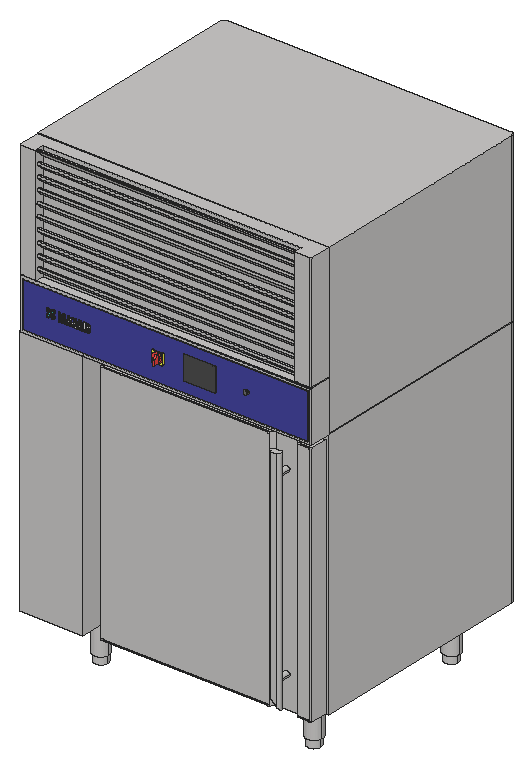
Revit family "QF_NuovAIR_P10.2----", category Specialty Equipment, Revit 2019
Family settings
  Round Connector Dimension = Use Diameter
  Part Type = Normal
  Work Plane-Based = No
  Always vertical = Yes
  Cut with Voids When Loaded = No
  Shared = No
  Room Calculation Point = No
Parameters (values of type "P10.2_LH_400V 50A")
  Weight = 215.00 kg
  Volts = 400 V
  Volt Free Conn = no
  URL Manufacturer = "https://www.nuovair.com/"
  URL Cutsheet = "P10.2-en-2.pdf"
  URL = ""
  Show Logo [instance] = yes
  Show Clearance [instance] = no
  Refrigeration Suction Line Size = 0 mm
  Refrigeration Liquid Line Size = 0 mm
  Refrigeration Energy Efficiency Index = ""
  Refrigeration Climate Class = ""
  Refrigerant Type = "R452a"
  Refrigerant Compressor Remote = no
  Potential Equalisation = yes
  Phase = 3
  Number of Poles = 3
  Model = "P10.2"
  Mat_Legs = QF_Stainless-Brushed
  Mat_Handle = QF_Stainless-Brushed
  Mat_Clearance = QF_Clearance
  Mat_Case = QF_Stainless-Brushed
  Masterspec = ""
  Manufacturer = "NUOVAIR"
  Main switch integrated = no
  Length Actual = 1085 mm  # constant formula
  Legs_R2 = 25 mm  # constant formula
  Legs_R1 = 30 mm  # constant formula
  Keynote = "0"
  Item Number = "P10.2"
  Identify Quantity as Lot = no
  Horse Power = ""
  Height Actual = 1760 mm  # constant formula
  Foodservice Equipment Identifier = yes
  FilledSide_L = Length Actual - DoorL  # 300 mm
  Energy Efficiency Labelling = ""
  FL Amps = 8.5 A
  Electric power = 3500000 W
  Elec Connection Height = 1190 mm
  Ele_Note = ""
  DoorL = 70 mm + 645 mm + 70 mm  # 785 mm
  DoorH = Height Actual - 200 mm - 625 mm - 20 mm  # 915 mm
  Direct Waste Size = 0 mm
  Direct Waste Connection Height = 0 mm
  Description = "Blast Chiller, 16-24 tray GN1/1 - GN2/1- 60x40"
  Description_FR = ""
  Description_ES = ""
  Description_EN = ""
  Description_DE = ""
  Depth Actual = 950 mm  # constant formula
  RH = no
  D15 = 15 mm  # constant formula
  Cycle = 50 Hz
  Conn Plug = "only cable"
  CE Approved = yes
  Author = ""
  Accessory = no
Types (6, lengths in mm): name | Volts | FL Amps | RH | Cycle
  P10.2_LH_400V 50A | 400 V | 8.5 A | no | 50 Hz
  P10.2_RH_400V 50A | 400 V | 8.5 A | yes | 50 Hz
  P10.2_LH_440V 60A | 440 V | 9.3 A | no | 60 Hz
  P10.2_RH_440V 60A | 440 V | 9.3 A | yes | 60 Hz
  P10.2_LH_230V 60A | 230 V | 17.8 A | no | 60 Hz
  P10.2_RH_230V 60A | 230 V | 17.8 A | yes | 60 Hz
Reference planes
  plane 1 "Center (Front/Back)": y = 0
  plane 2: z = 0
  plane 3 "Center (Left/Right)": x = 0
  plane 4 "SX": x = -542.5
  plane 5 "DX": x = 542.5
  plane 6: y = -950
  plane 7: y = -1721
  plane 8: y = -867
  plane 9 "top": z = 1760
  plane 10 "Base": z = 510
  plane 11: x = -582.5
  plane 12: x = 582.5
  plane 13: y = -60
  plane 14: y = -807
  plane 15: x = -482.5
  plane 16: x = 482.5
  plane 17: y = 50
  plane 18 "down": z = 200
  plane 19: x = -397.5
  plane 20: x = 397.5
  plane 21: y = -113.5
  plane 22: y = -753.5
  plane 23 "Center L/S": z = 529
  plane 24 "1": z = 1135
  plane 25: z = 1325
  plane 26: z = 1230
  plane 27: z = 270
  plane 28: z = 1065
  plane 29: x = 472.5
  plane 30: x = -172.5
  plane 31: x = -242.5
  plane 32: x = 150
  plane 33: y = -433.5
  plane 34: x = 302.5
  plane 35: x = 127.5
  plane 36: x = -27.5
  plane 37: z = 2260
Forms (mm)
  Extrusion 1, solid, material "QF_Clearance" <- "Mat_Clearance", visible <- "Show Clearance"
    sketch origin (0, 0, 0) x (1, 0, 0) y (0, 1, 0)
      loop
        line (-542.5, 50) -> (-542.5, -1721) -> (542.5, -1721) -> (542.5, 50) -> (-542.5, 50)
    from 0 to 1760
  Extrusion 2, solid, material "QF_Stainless-Brushed" <- "Mat_Case", detail levels medium+fine
    sketch origin (0, 0, 0) x (1, 0, 0) y (0, 1, 0)
      loop
        arc (-527.5, 0) -> (-538.107, -4.393) -> (-542.5, -15) r 15
        line (-542.5, -15) -> (-542.5, -867) -> (542.5, -867) -> (542.5, -15)
        arc (542.5, -15) -> (538.107, -4.393) -> (527.5, 0) r 15
        line (527.5, 0) -> (-527.5, 0)
      loop
        arc (-467.5, -60) -> (-478.107, -64.393) -> (-482.5, -75) r 15
        line (-482.5, -75) -> (-482.5, -792)
        arc (-482.5, -792) -> (-478.107, -802.607) -> (-467.5, -807) r 15
        line (-467.5, -807) -> (467.5, -807)
        arc (467.5, -807) -> (478.107, -802.607) -> (482.5, -792) r 15
        line (482.5, -792) -> (482.5, -75)
        arc (482.5, -75) -> (478.107, -64.393) -> (467.5, -60) r 15
        line (467.5, -60) -> (-467.5, -60)
    from 200 to 1760
  Extrusion 3, solid, material "QF_Clearance" <- "Mat_Clearance", visible <- "Show Clearance"
    sketch origin (0, 0, 0) x (1, 0, 0) y (0, 1, 0)
      loop
        line (-582.5, 0) -> (-582.5, -950) -> (582.5, -950) -> (582.5, 0) -> (-582.5, 0)
    from 0 to 1760
  Extrusion 4, solid, material "QF_Stainless-Brushed" <- "Mat_Case", detail levels medium+fine
    sketch origin (0, 0, 0) x (1, 0, 0) y (0, 1, 0)
      loop
        line (-482.5, -60) -> (-482.5, -807) -> (482.5, -807) -> (482.5, -60) -> (-482.5, -60)
    from 200 to 510
  Extrusion 5, solid, material "QF_Stainless-Brushed" <- "Mat_Case", detail levels medium+fine
    sketch origin (-986.523, -1524, 1760) x (-1, 0, 0) y (0, -1, 0)
      loop
        line (-504.023, -1464) -> (-504.023, -717) -> (-1469.023, -717) -> (-1469.023, -1464) -> (-504.023, -1464)
    from -40 to 0
  Extrusion 6, solid, material "QF_Stainless-Brushed" <- "Mat_Legs", detail levels medium+fine
    sketch origin (0, 0, 0) x (1, 0, 0) y (0, 1, 0)
      loop
        circle (-397.5, -753.5) r 30
      loop
        circle (397.5, -753.5) r 30
      loop
        circle (397.5, -113.5) r 30
      loop
        circle (-397.5, -113.5) r 30
    from 30 to 200
  Extrusion 7, solid, material "QF_Stainless-Brushed" <- "Mat_Legs", detail levels medium+fine
    sketch origin (0, 0, 0) x (1, 0, 0) y (0, 1, 0)
      loop
        circle (-397.5, -113.5) r 25
      loop
        circle (397.5, -113.5) r 25
      loop
        circle (-397.5, -753.5) r 25
      loop
        circle (397.5, -753.5) r 25
    from 0 to 30
  Extrusion 8, solid, material "QF_Stainless-Brushed" <- "Mat_Case", detail levels medium+fine
    sketch origin (0, 0, 1135) x (-1, 0, 0) y (0, -1, 0)
      loop
        line (540.5, 867) -> (542.5, 869) -> (542.5, 947)
        arc (542.5, 947) -> (541.621, 949.121) -> (539.5, 950) r 3
        line (539.5, 950) -> (-539.5, 950)
        arc (-539.5, 950) -> (-541.621, 949.121) -> (-542.5, 947) r 3
        line (-542.5, 947) -> (-542.5, 869) -> (-540.5, 867) -> (540.5, 867)
    from 0 to 625
  Sweep 9, void
    path origin (0, 0, 1135) x (-1, 0, 0) y (0, -1, 0)
      loop
        line (482.5, 950) -> (-482.5, 950)
    profile "PRF_Air-10 Blade : KTM" origin (0, -950, 1135) x (0, 1, 0) y (0, 0, 1)
      loop
        line (33, 190) -> (33, 206) -> (23, 206) -> (5, 224) -> (5, 234) -> (10, 234) -> (10, 226.071) -> (25.071, 211) -> (33, 211) -> (33, 250) -> (23, 250) -> (5, 268) -> (5, 278) -> (10, 278) -> (10, 270.071) -> (25.071, 255) -> (33, 255) -> (33, 294) -> (23, 294) -> (5, 312) -> (5, 322) -> (10, 322) -> (10, 314.071) -> (25.071, 299) -> (33, 299) -> (33, 338) -> (23, 338) -> (5, 356) -> (5, 366) -> (10, 366) -> (10, 358.071) -> (25.071, 343) -> (33, 343) -> (33, 382) -> (23, 382) -> (5, 400) -> (5, 410) -> (10, 410) -> (10, 402.071) -> (25.071, 387) -> (33, 387) -> (33, 426) -> (23, 426) -> (5, 444) -> (5, 454) -> (10, 454) -> (10, 446.071) -> (25.071, 431) -> (33, 431) -> (33, 470) -> (23, 470) -> (5, 488) -> (5, 498) -> (10, 498) -> (10, 490.071) -> (25.071, 475) -> (33, 475) -> (33, 514) -> (23, 514) -> (5, 532) -> (5, 542) -> (10, 542) -> (10, 534.071) -> (25.071, 519) -> (33, 519) -> (33, 558) -> (23, 558) -> (5, 576) -> (5, 586) -> (10, 586) -> (10, 578.071) -> (25.071, 563) -> (33, 563) -> (33, 602) -> (23, 602) -> (5, 620) -> (5, 630) -> (10, 630) -> (10, 622.071) -> (25.071, 607) -> (33, 607) -> (33, 640) -> (-25, 640) -> (-25, 190) -> (33, 190)
  Sweep 10, void
    path origin (-846.124, -1524, 1325) x (-1, 0, 0) y (0, -1, 0)
      loop
        line (-303.624, -657) -> (-303.624, -574) -> (-1388.624, -574) -> (-1388.624, -657)
    profile "PRF_scalpel : PRF_scalpel" origin (0, -950, 1325) x (0, 1, 0) y (0, 0, 1)
      loop
        line (1, 0) -> (-1, 2) -> (-51, 2) -> (-51, -2) -> (-1, -2) -> (1, 0)
  Extrusion 11, void
    sketch origin (-909.885, -950, 4000) x (-1, 0, 0) y (0, 0, 1)
      loop
        line (-377.385, -2855) -> (-377.385, -2685) -> (-1442.385, -2685) -> (-1442.385, -2855) -> (-377.385, -2855)
    from 0 to 2
  Extrusion 12, solid, material "QF_Plastic-Navy Blue", detail levels medium+fine
    sketch origin (-909.885, -950, 4000) x (-1, 0, 0) y (0, 0, 1)
      loop
        line (-377.385, -2855) -> (-377.385, -2685) -> (-1442.385, -2685) -> (-1442.385, -2855) -> (-377.385, -2855)
    from 0 to 2
  Extrusion 13, solid, material "QF_Rubber-Black", detail levels fine
    sketch origin (-829.885, -950, 4000) x (-1, 0, 0) y (0, 0, 1)
      loop
        circle (-1132.385, -2770) r 7.5
    from 0 to -5
  Extrusion 14, solid, material "QF_Plastic-Black-Transparent", detail levels fine
    sketch origin (-909.885, -950, 4000) x (-1, 0, 0) y (0, 0, 1)
      loop
        arc (-979.385, -2815) -> (-977.971, -2814.414) -> (-977.385, -2813) r 2
        line (-977.385, -2813) -> (-977.385, -2727)
        arc (-977.385, -2727) -> (-977.971, -2725.586) -> (-979.385, -2725) r 2
        line (-979.385, -2725) -> (-1095.385, -2725)
        arc (-1095.385, -2725) -> (-1096.8, -2725.586) -> (-1097.385, -2727) r 2
        line (-1097.385, -2727) -> (-1097.385, -2813)
        arc (-1097.385, -2813) -> (-1096.8, -2814.414) -> (-1095.385, -2815) r 2
        line (-1095.385, -2815) -> (-979.385, -2815)
    from 0 to -1
  Extrusion 15, solid, material "QF_Plastic-White-Glossy", visible <- "Show Logo", detail levels fine
    sketch origin (-1502.385, -950, 4000) x (-1, 0, 0) y (0, 0, 1)
      loop
        arc (-1128.781, -2762.416) -> (-1134.776, -2768.41) -> (-1140.77, -2762.416) r 5.994
        line (-1140.77, -2762.416) -> (-1140.77, -2750) -> (-1143.053, -2750) -> (-1143.053, -2762.416)
        arc (-1143.053, -2762.416) -> (-1134.776, -2770.694) -> (-1126.498, -2762.416) r 8.278
        line (-1126.498, -2762.416) -> (-1126.498, -2750) -> (-1128.781, -2750) -> (-1128.781, -2762.416)
      loop
        circle (-1155.915, -2760.424) r 10.27
      loop
        circle (-1155.915, -2760.424) r 7.986
      loop
        line (-1212.558, -2761.793) -> (-1208.232, -2761.793) -> (-1208.232, -2753.14) -> (-1212.558, -2753.14)
        arc (-1212.558, -2753.14) -> (-1216.885, -2757.466) -> (-1212.558, -2761.793) r 4.327
      loop
        arc (-1217.138, -2763.363) -> (-1219.55, -2766.639) -> (-1219.885, -2770.694) r 7.466
        line (-1219.885, -2770.694) -> (-1216.64, -2770.694)
        arc (-1216.64, -2770.694) -> (-1216.089, -2766.758) -> (-1212.558, -2764.933) r 4.327
        line (-1212.558, -2764.933) -> (-1208.232, -2764.933) -> (-1208.232, -2770.694) -> (-1205.377, -2770.694) -> (-1205.377, -2750) -> (-1212.558, -2750)
        arc (-1212.558, -2750) -> (-1219.621, -2755.045) -> (-1217.138, -2763.363) r 7.466
      loop
        line (-1107.955, -2755.624) -> (-1107.955, -2770.694) -> (-1105.672, -2770.694) -> (-1105.672, -2750) -> (-1120.324, -2765.07) -> (-1120.324, -2750) -> (-1122.608, -2750) -> (-1122.608, -2770.694) -> (-1107.955, -2755.624)
      loop
        line (-1200.317, -2770.694) -> (-1197.463, -2770.694) -> (-1197.463, -2750) -> (-1200.317, -2750) -> (-1200.317, -2770.694)
      loop
        line (-1179.711, -2750) -> (-1182.178, -2750) -> (-1173.719, -2770.694) -> (-1165.26, -2750) -> (-1167.726, -2750) -> (-1173.719, -2764.659) -> (-1179.711, -2750)
      loop
        line (-1189.418, -2764.471) -> (-1184.371, -2764.471) -> (-1186.894, -2758.298) -> (-1189.418, -2764.471)
      loop
        line (-1190.468, -2767.04) -> (-1183.321, -2767.04) -> (-1181.827, -2770.694) -> (-1178.435, -2770.694) -> (-1186.894, -2750) -> (-1195.353, -2770.694) -> (-1191.961, -2770.694) -> (-1190.468, -2767.04)
      loop
        line (-1107.153, -2780) -> (-1105.672, -2780) -> (-1105.672, -2773.718) -> (-1107.153, -2773.718) -> (-1107.153, -2780)
      loop
        line (-1112.129, -2780) -> (-1108.839, -2780) -> (-1108.839, -2773.718) -> (-1112.129, -2773.718) -> (-1112.129, -2780)
      loop
        line (-1117.558, -2780) -> (-1113.075, -2780) -> (-1113.075, -2773.718) -> (-1117.558, -2773.718) -> (-1117.558, -2780)
      loop
        line (-1123.275, -2780) -> (-1118.956, -2780) -> (-1118.956, -2773.718) -> (-1123.275, -2773.718) -> (-1123.275, -2780)
      loop
        line (-1127.675, -2780) -> (-1124.22, -2780) -> (-1124.22, -2773.718) -> (-1127.675, -2773.718) -> (-1127.675, -2780)
      loop
        line (-1132.24, -2780) -> (-1128.374, -2780) -> (-1128.374, -2773.718) -> (-1132.24, -2773.718) -> (-1132.24, -2780)
      loop
        line (-1136.189, -2780) -> (-1133.268, -2780) -> (-1133.268, -2773.718) -> (-1136.189, -2773.718) -> (-1136.189, -2780)
      loop
        line (-1141.289, -2780) -> (-1136.858, -2780) -> (-1136.858, -2773.718) -> (-1141.289, -2773.718) -> (-1141.289, -2780)
      loop
        line (-1146.827, -2780) -> (-1142.835, -2780) -> (-1142.835, -2773.718) -> (-1146.827, -2773.718) -> (-1146.827, -2780)
      loop
        line (-1149.816, -2780) -> (-1147.806, -2780) -> (-1147.806, -2773.718) -> (-1149.816, -2773.718) -> (-1149.816, -2780)
      loop
        line (-1157.956, -2780) -> (-1152.881, -2780) -> (-1152.881, -2773.718) -> (-1157.956, -2773.718) -> (-1157.956, -2780)
      loop
        line (-1162.129, -2780) -> (-1158.677, -2780) -> (-1158.677, -2773.718) -> (-1162.129, -2773.718) -> (-1162.129, -2780)
      loop
        line (-1171.712, -2780) -> (-1165.838, -2780) -> (-1165.838, -2773.718) -> (-1171.712, -2773.718) -> (-1171.712, -2780)
      loop
        line (-1175.473, -2780) -> (-1173.025, -2780) -> (-1173.025, -2773.718) -> (-1175.473, -2773.718) -> (-1175.473, -2780)
      loop
        line (-1182.162, -2780) -> (-1176.878, -2780) -> (-1176.878, -2773.718) -> (-1182.162, -2773.718) -> (-1182.162, -2780)
      loop
        line (-1187.601, -2780) -> (-1183.801, -2780) -> (-1183.801, -2773.718) -> (-1187.601, -2773.718) -> (-1187.601, -2780)
      loop
        line (-1192.468, -2780) -> (-1188.434, -2780) -> (-1188.434, -2773.718) -> (-1192.468, -2773.718) -> (-1192.468, -2780)
      loop
        line (-1197.309, -2780) -> (-1193.587, -2780) -> (-1193.587, -2773.718) -> (-1197.309, -2773.718) -> (-1197.309, -2780)
      loop
        line (-1201.63, -2780) -> (-1198.272, -2780) -> (-1198.272, -2773.718) -> (-1201.63, -2773.718) -> (-1201.63, -2780)
      loop
        line (-1205.924, -2780) -> (-1202.618, -2780) -> (-1202.618, -2773.718) -> (-1205.924, -2773.718) -> (-1205.924, -2780)
      loop
        line (-1208.188, -2780) -> (-1206.731, -2780) -> (-1206.731, -2773.718) -> (-1208.188, -2773.718) -> (-1208.188, -2780)
      loop
        line (-1212.717, -2780) -> (-1208.995, -2780) -> (-1208.995, -2773.718) -> (-1212.717, -2773.718) -> (-1212.717, -2780)
      loop
        line (-1219.885, -2780) -> (-1213.888, -2780) -> (-1213.888, -2773.718) -> (-1219.885, -2773.718) -> (-1219.885, -2780)
    from 0 to -1
  Extrusion 16, solid, material "QF_Plastic-Cyan", visible <- "Show Logo", detail levels fine
    sketch origin (-1502.385, -950, 4000) x (-1, 0, 0) y (0, 0, 1)
      loop
        line (-1078.274, -2754.585) -> (-1078.274, -2760.401) -> (-1074.885, -2763.789) -> (-1071.497, -2760.401) -> (-1071.497, -2754.585) -> (-1074.885, -2757.974) -> (-1078.274, -2754.585)
      loop
        line (-1089.435, -2770.101) -> (-1081.197, -2770.101) -> (-1084.814, -2773.718) -> (-1089.885, -2773.718) -> (-1089.885, -2775.43) -> (-1086.527, -2775.43) -> (-1089.045, -2777.948) -> (-1087.834, -2779.159) -> (-1085.316, -2776.641) -> (-1085.316, -2780) -> (-1083.603, -2780) -> (-1083.603, -2774.929) -> (-1079.986, -2771.312) -> (-1079.986, -2779.549) -> (-1074.885, -2774.448) -> (-1069.784, -2779.549) -> (-1069.784, -2771.312) -> (-1066.168, -2774.929) -> (-1066.168, -2780) -> (-1064.455, -2780) -> (-1064.455, -2776.641) -> (-1061.937, -2779.159) -> (-1060.726, -2777.948) -> (-1063.244, -2775.43) -> (-1059.885, -2775.43) -> (-1059.885, -2773.718) -> (-1064.957, -2773.718) -> (-1068.573, -2770.101) -> (-1060.336, -2770.101) -> (-1065.437, -2765) -> (-1060.336, -2759.899) -> (-1068.573, -2759.899) -> (-1064.957, -2756.282) -> (-1059.885, -2756.282) -> (-1059.885, -2754.57) -> (-1063.244, -2754.57) -> (-1060.726, -2752.052) -> (-1061.937, -2750.841) -> (-1064.455, -2753.359) -> (-1064.455, -2750) -> (-1066.168, -2750) -> (-1066.168, -2755.071) -> (-1069.784, -2758.688) -> (-1069.784, -2750.451) -> (-1074.885, -2755.552) -> (-1079.986, -2750.451) -> (-1079.986, -2758.688) -> (-1083.603, -2755.071) -> (-1083.603, -2750) -> (-1085.316, -2750) -> (-1085.316, -2753.359) -> (-1087.834, -2750.841) -> (-1089.045, -2752.052) -> (-1086.527, -2754.57) -> (-1089.885, -2754.57) -> (-1089.885, -2756.282) -> (-1084.814, -2756.282) -> (-1081.197, -2759.899) -> (-1089.435, -2759.899) -> (-1084.334, -2765) -> (-1089.435, -2770.101)
      loop
        line (-1064.471, -2768.388) -> (-1067.859, -2765) -> (-1064.471, -2761.612) -> (-1070.286, -2761.612) -> (-1073.674, -2765) -> (-1070.286, -2768.388) -> (-1064.471, -2768.388)
      loop
        line (-1085.3, -2768.388) -> (-1079.485, -2768.388) -> (-1076.096, -2765) -> (-1079.485, -2761.612) -> (-1085.3, -2761.612) -> (-1081.912, -2765) -> (-1085.3, -2768.388)
      loop
        line (-1078.274, -2775.415) -> (-1074.885, -2772.026) -> (-1071.497, -2775.415) -> (-1071.497, -2769.599) -> (-1074.885, -2766.211) -> (-1078.274, -2769.599) -> (-1078.274, -2775.415)
    from 0 to -1
  Sweep 17, void
    path origin (-846.124, -1524, 1135) x (-1, 0, 0) y (0, -1, 0)
      loop
        line (-303.624, -1524) -> (-303.624, -657) -> (-1388.624, -657) -> (-1388.624, -1524) -> (-303.624, -1524)
    profile "PRF_scalpel : PRF_scalpel" origin (0, 0, 1135) x (0, 1, 0) y (0, 0, 1)
      loop
        line (-1, 0) -> (1, -2) -> (51, -2) -> (51, 2) -> (1, 2) -> (-1, 0)
  Extrusion 18, solid, material "QF_Clearance" <- "Mat_Clearance", visible <- "Show Clearance"
    sketch origin (0, 0, 0) x (1, 0, 0) y (0, 1, 0)
      loop
        line (-542.5, -950) -> (542.5, -950) -> (542.5, 0) -> (-542.5, 0) -> (-542.5, -950)
    from 0 to 2260
Cuts and joins
  Sweep 17 cuts Extrusion 2
  joined: Extrusion 2, Extrusion 4, Extrusion 5
  joined: Extrusion 1, Extrusion 3
  Sweep 9, Sweep 10, Extrusion 11 cuts Extrusion 8
Lines and regions (mm)
  model lines, style "InvisibleLines"
    curve 1: line (-50, 0, 0) -> (50, 0, 0)
    curve 2: line (0, 50, 0) -> (0, -50, 0)
  model lines, style "QF_Case", detail levels coarse
    curve 3: line (-542.5, 0, 0) -> (542.5, 0, 0)
    curve 4: line (-542.5, -950, 0) -> (-542.5, 0, 0)
    curve 5: line (542.5, -950, 0) -> (-542.5, -950, 0)
    curve 6: line (542.5, 0, 0) -> (542.5, -950, 0)
    curve 7: line (542.5, -950, 1760) -> (542.5, -950, 0)
    curve 8: line (542.5, 0, 1760) -> (542.5, 0, 0)
    curve 9: line (-542.5, -950, 1760) -> (-542.5, -950, 0)
    curve 10: line (-542.5, 0, 1760) -> (-542.5, 0, 0)
    curve 11: line (-542.5, 0, 1760) -> (542.5, 0, 1760)
    curve 12: line (-542.5, -950, 1760) -> (-542.5, 0, 1760)
    curve 13: line (542.5, -950, 1760) -> (-542.5, -950, 1760)
    curve 14: line (542.5, 0, 1760) -> (542.5, -950, 1760)
  reference lines
    curve 15: line (-442.5, -950, 1272.605) -> (-442.5, -950, 1176.213)
    curve 16: line (-282.5, -950, 1272.605) -> (-282.5, -950, 1176.213)
Dimensions and locks
  curve 1 to plane 3 "Center (Left/Right)" to curve 1 = 50 mm locked, 50 mm locked
  curve 2 to plane 1 "Center (Front/Back)" to curve 2 = 50 mm locked, 50 mm locked
  "Height Actual": plane 9 "top" to level
  "Depth Actual": plane 6 to plane 1 "Center (Front/Back)"
  locked: plane 11 to plane 4 "SX" at 40
  locked: plane 5 "DX" to plane 12 at 40
  locked: plane 13 to plane 1 "Center (Front/Back)" at 60
  locked: plane 14 to plane 8 at 60
  locked: plane 1 "Center (Front/Back)" to plane 17 at 50
  locked: plane 8 to plane 6 at 83
  locked: plane 18 "down" to plane 2 at 200
  equal spacing: plane 4 "SX", plane 3 "Center (Left/Right)", plane 5 "DX"
  "Length Actual": plane 4 "SX" to plane 5 "DX"
  locked: plane 7 to plane 1 "Center (Front/Back)" at 1721
  locked: plane 16 to plane 5 "DX" at 60
  plane 23 "Center L/S" to plane 10 "Base" = 19 mm
  locked: plane 4 "SX" to plane 15 at 60
  plane 10 "Base" to plane 18 "down" = 310 mm
  plane 24 "1" to plane 2 = 1135 mm
  locked: plane 25 to plane 24 "1" at 190
  locked: Extrusion 11 sketch curve to plane 24 "1" at 10
  locked: plane 25 to Extrusion 11 sketch curve at 10
  locked: Extrusion 11 sketch curve to plane 4 "SX" at 10
  locked: plane 5 "DX" to Extrusion 11 sketch curve at 10
  Extrusion 12 sketch curve to plane 4 "SX" = 10 mm
  plane 5 "DX" to Extrusion 12 sketch curve = 10 mm
  Extrusion 12 sketch curve to plane 24 "1" = 10 mm
  plane 25 to Extrusion 12 sketch curve = 10 mm
  equal spacing: plane 25, plane 26, plane 24 "1", locked at 95 each
  locked: plane 28 to plane 27 at 795
  locked: plane 24 "1" to plane 28 at 70
  locked: plane 29 to plane 5 "DX" at 70
  locked: plane 30 to plane 29 at 645
  locked: plane 31 to plane 30 at 70
  equal spacing: plane 30, plane 32, plane 29
  locked: plane 27 to plane 2 at 270
  equal spacing: plane 19, plane 3 "Center (Left/Right)", plane 20
  locked: plane 19 to plane 20 at 795
  equal spacing: plane 8, plane 33, plane 1 "Center (Front/Back)"
  equal spacing: plane 21, plane 33, plane 22
  locked: plane 21 to plane 22 at 640
  locked: plane 5 "DX" to plane 34 at 240
  locked: plane 34 to plane 35 at 175
  locked: plane 35 to plane 36 at 155
  locked: plane 35 to Extrusion 14 sketch curve at 60
  locked: Extrusion 14 sketch curve to plane 35 at 60
  locked: plane 26 to Extrusion 14 sketch curve at 45
  locked: Extrusion 14 sketch curve to plane 26 at 45
  locked: curve 15 to plane 4 "SX" at 100
  locked: curve 16 to plane 4 "SX" at 260
  locked: plane 37 to plane 9 "top" at 500
  "D15": radius of Extrusion 2 sketch curve  (x6)
  "Legs_R1": radius of Extrusion 6 sketch curve  (x4)
  "Legs_R2": radius of Extrusion 7 sketch curve  (x4)
  aligned and locked: level to plane 2
  aligned and locked: plane 4 "SX" to Extrusion 1 sketch curve
  aligned and locked: plane 7 to Extrusion 1 sketch curve
  aligned and locked: Extrusion 1 sketch curve to plane 5 "DX"
  aligned and locked: plane 9 "top" to Extrusion 1
  aligned and locked: plane 1 "Center (Front/Back)" to Extrusion 2 sketch curve
  aligned and locked: Extrusion 2 sketch curve to plane 5 "DX"
  aligned and locked: plane 4 "SX" to Extrusion 2 sketch curve
  aligned and locked: plane 1 "Center (Front/Back)" to curve 3
  aligned and locked: plane 6 to curve 5
  aligned and locked: curve 6 to plane 5 "DX"
  aligned and locked: plane 4 "SX" to curve 4
  aligned and locked: plane 9 "top" to curve 8
  aligned and locked: plane 9 "top" to curve 7
  aligned and locked: plane 9 "top" to curve 10
  aligned and locked: plane 9 "top" to curve 9
  aligned and locked: level to curve 8
  aligned and locked: level to curve 7
  aligned and locked: level to curve 10
  aligned and locked: level to curve 9
  aligned and locked: curve 8 to plane 1 "Center (Front/Back)"
  aligned and locked: curve 10 to plane 1 "Center (Front/Back)"
  aligned and locked: plane 6 to curve 7
  aligned and locked: plane 6 to curve 9
  aligned and locked: plane 1 "Center (Front/Back)" to Extrusion 3 sketch curve
  aligned and locked: plane 11 to Extrusion 3 sketch curve
  aligned and locked: plane 6 to Extrusion 3 sketch curve
  aligned and locked: Extrusion 3 sketch curve to plane 12
  aligned and locked: plane 9 "top" to Extrusion 3
  aligned and locked: plane 8 to Extrusion 2 sketch curve
  aligned and locked: Extrusion 2 sketch curve to plane 13
  aligned and locked: plane 15 to Extrusion 2 sketch curve
  aligned and locked: Extrusion 2 sketch curve to plane 16
  aligned and locked: Extrusion 2 sketch curve to plane 14
  aligned and locked: plane 15 to Extrusion 4 sketch curve
  aligned and locked: Extrusion 4 sketch curve to plane 13
  aligned and locked: Extrusion 4 sketch curve to plane 16
  aligned and locked: plane 14 to Extrusion 4 sketch curve
  aligned and locked: plane 15 to Extrusion 5 sketch curve
  aligned and locked: Extrusion 5 sketch curve to plane 13
  aligned and locked: Extrusion 5 sketch curve to plane 16
  aligned and locked: plane 14 to Extrusion 5 sketch curve
  aligned and locked: Extrusion 1 sketch curve to plane 17
  aligned and locked: plane 10 "Base" to cut or joined group of Extrusion 2, Extrusion 4, Extrusion 5, Sweep 17
  aligned and locked: cut or joined group of Extrusion 2, Extrusion 4, Extrusion 5, Sweep 17 to plane 18 "down"  (x2)
  aligned and locked: plane 19 to Extrusion 6 sketch curve  (x2)
  aligned and locked: plane 22 to Extrusion 6 sketch curve  (x2)
  aligned and locked: plane 21 to Extrusion 6 sketch curve  (x2)
  aligned and locked: plane 20 to Extrusion 6 sketch curve  (x2)
  aligned and locked: plane 18 "down" to Extrusion 6
  aligned and locked: plane 19 to Extrusion 7 sketch curve  (x2)
  aligned and locked: plane 21 to Extrusion 7 sketch curve  (x2)
  aligned and locked: plane 20 to Extrusion 7 sketch curve  (x2)
  aligned and locked: plane 22 to Extrusion 7 sketch curve  (x2)
  aligned and locked: plane 1 "Center (Front/Back)" to curve 11
  aligned and locked: plane 6 to curve 13
  aligned and locked: plane 4 "SX" to nested 1
  aligned and locked: nested 1 to plane 1 "Center (Front/Back)"
  aligned and locked: Extrusion 8 sketch curve to plane 8
  aligned and locked: plane 4 "SX" to Extrusion 8 sketch curve
  aligned and locked: Extrusion 8 sketch curve to plane 5 "DX"
  aligned and locked: plane 6 to Extrusion 8 sketch curve
  aligned and locked: plane 15 to Sweep 9 sketch curve
  aligned and locked: plane 16 to Sweep 9 sketch curve
  aligned and locked: Sweep 9 sketch curve to plane 6
  aligned and locked: Extrusion 8 to plane 24 "1"
  aligned and locked: plane 9 "top" to Extrusion 2
  aligned and locked: plane 9 "top" to Extrusion 8
  aligned and locked: Sweep 10 sketch curve to plane 4 "SX"
  aligned and locked: plane 5 "DX" to Sweep 10 sketch curve
  aligned and locked: Sweep 10 sketch curve to plane 6
  aligned and locked: plane 8 to Sweep 10 sketch curve  (x2)
  aligned and locked: Extrusion 12 to plane 6
  aligned and locked: nested 2 to plane 26
  aligned and locked: plane 26 to Extrusion 13 sketch curve
  aligned and locked: plane 6 to Extrusion 13
  aligned and locked: Extrusion 14 to plane 6
  aligned and locked: Extrusion 15 to plane 6
  aligned and locked: Extrusion 16 to plane 6
  aligned and locked: plane 8 to Sweep 17 sketch curve
  aligned and locked: Sweep 17 sketch curve to plane 5 "DX"
  aligned and locked: plane 4 "SX" to Sweep 17 sketch curve
  aligned and locked: plane 1 "Center (Front/Back)" to Sweep 17 sketch curve
  aligned and locked: Extrusion 5 to plane 9 "top"
  aligned and locked: plane 1 "Center (Front/Back)" to nested 3
  aligned and locked: plane 3 "Center (Left/Right)" to nested 3
  aligned and locked: Extrusion 15 to curve 16
  aligned and locked: curve 15 to Extrusion 16
  aligned and locked: plane 34 to Extrusion 13 sketch curve
  aligned and locked: plane 36 to nested 2
  aligned and locked: Extrusion 18 sketch curve to plane 1 "Center (Front/Back)"
  aligned and locked: Extrusion 18 sketch curve to plane 6
  aligned and locked: Extrusion 18 sketch curve to plane 4 "SX"
  aligned and locked: plane 5 "DX" to Extrusion 18 sketch curve
  aligned and locked: Extrusion 18 to level
  aligned and locked: plane 37 to Extrusion 18
Automatic sketch dimensions
  curve 2 to plane 3 "Center (Left/Right)" = 0 mm
  plane 1 "Center (Front/Back)" to curve 1 = 0 mm
  curve 11 to plane 5 "DX" = 0 mm
  curve 13 to plane 4 "SX" = 0 mm
  Extrusion 8 sketch curve to plane 5 "DX" = 2 mm
  Extrusion 8 sketch curve to Extrusion 8 sketch curve = 3 mm
  plane 4 "SX" to Extrusion 8 sketch curve = 3 mm
  plane 4 "SX" to Extrusion 8 sketch curve = 2 mm
  Extrusion 8 sketch curve to plane 8 = 2 mm  (x2)
  Extrusion 14 sketch curve to Extrusion 14 sketch curve = 2 mm  (x4)
  Extrusion 15 sketch curve to Extrusion 15 sketch curve = 0 mm  (x37)
  level to Extrusion 15 sketch curve = 1220 mm  (x23)
  level to Extrusion 15 sketch curve = 1226.282 mm  (x4)
  Extrusion 15 sketch curve to Extrusion 15 sketch curve = 1.481 mm
  Extrusion 15 sketch curve to Extrusion 15 sketch curve = 2.283 mm  (x2)
  Extrusion 15 sketch curve to Extrusion 15 sketch curve = 1.686 mm
  Extrusion 15 sketch curve to Extrusion 15 sketch curve = 3.29 mm
  Extrusion 15 sketch curve to Extrusion 15 sketch curve = 0.946 mm  (x2)
  Extrusion 15 sketch curve to Extrusion 15 sketch curve = 4.483 mm
  Extrusion 15 sketch curve to Extrusion 15 sketch curve = 1.398 mm
  Extrusion 15 sketch curve to Extrusion 15 sketch curve = 12.369 mm
  level to Extrusion 15 sketch curve = 1229.306 mm  (x4)
  Extrusion 15 sketch curve to Extrusion 15 sketch curve = 3.652 mm
  Extrusion 15 sketch curve to Extrusion 15 sketch curve = 4.319 mm
  Extrusion 15 sketch curve to Extrusion 15 sketch curve = 3.89 mm
  Extrusion 15 sketch curve to Extrusion 15 sketch curve = 3.455 mm
  Extrusion 15 sketch curve to Extrusion 15 sketch curve = 0.699 mm
  Extrusion 15 sketch curve to Extrusion 15 sketch curve = 3.866 mm
  Extrusion 15 sketch curve to Extrusion 15 sketch curve = 1.028 mm
  Extrusion 15 sketch curve to Extrusion 15 sketch curve = 5.994 mm
  Extrusion 15 sketch curve to Extrusion 15 sketch curve = 2.92 mm
  Extrusion 15 sketch curve to Extrusion 15 sketch curve = 0.67 mm
  Extrusion 15 sketch curve to Extrusion 15 sketch curve = 4.431 mm
  Extrusion 15 sketch curve to Extrusion 15 sketch curve = 1.546 mm
  Extrusion 15 sketch curve to Extrusion 15 sketch curve = 3.993 mm
  Extrusion 15 sketch curve to Extrusion 15 sketch curve = 0.979 mm
  Extrusion 15 sketch curve to Extrusion 15 sketch curve = 2.009 mm
  Extrusion 15 sketch curve to Extrusion 15 sketch curve = 3.065 mm
  Extrusion 15 sketch curve to Extrusion 15 sketch curve = 12.862 mm
  Extrusion 15 sketch curve to Extrusion 15 sketch curve = 5.075 mm
  Extrusion 15 sketch curve to Extrusion 15 sketch curve = 0.721 mm
  Extrusion 15 sketch curve to Extrusion 15 sketch curve = 3.452 mm
  Extrusion 15 sketch curve to Extrusion 15 sketch curve = 9.345 mm
  Extrusion 15 sketch curve to Extrusion 15 sketch curve = 3.71 mm
  Extrusion 15 sketch curve to Extrusion 15 sketch curve = 2.467 mm  (x2)
  Extrusion 15 sketch curve to Extrusion 15 sketch curve = 5.873 mm
  Extrusion 15 sketch curve to Extrusion 15 sketch curve = 1.314 mm
  Extrusion 15 sketch curve to Extrusion 15 sketch curve = 0.693 mm
  level to Extrusion 15 sketch curve = 1235.341 mm
  Extrusion 15 sketch curve to Extrusion 15 sketch curve = 2.447 mm
  Extrusion 15 sketch curve to Extrusion 15 sketch curve = 1.405 mm
  Extrusion 15 sketch curve to Extrusion 15 sketch curve = 1.557 mm
  Extrusion 15 sketch curve to Extrusion 15 sketch curve = 11.984 mm
  Extrusion 15 sketch curve to Extrusion 15 sketch curve = 3.392 mm  (x2)
  Extrusion 15 sketch curve to Extrusion 15 sketch curve = 0.334 mm
  level to Extrusion 15 sketch curve = 1232.96 mm
  Extrusion 15 sketch curve to Extrusion 15 sketch curve = 1.494 mm  (x2)
  Extrusion 15 sketch curve to Extrusion 15 sketch curve = 1.64 mm
  level to Extrusion 15 sketch curve = 1235.529 mm
  Extrusion 15 sketch curve to Extrusion 15 sketch curve = 1.05 mm  (x2)
  level to Extrusion 15 sketch curve = 1241.702 mm
  Extrusion 15 sketch curve to Extrusion 15 sketch curve = 2.523 mm
  level to Extrusion 15 sketch curve = 1250 mm
  Extrusion 15 sketch curve to Extrusion 15 sketch curve = 4.717 mm
  Extrusion 15 sketch curve to Extrusion 15 sketch curve = 3.8 mm
  Extrusion 15 sketch curve to Extrusion 15 sketch curve = 0.833 mm
  Extrusion 15 sketch curve to Extrusion 15 sketch curve = 5.047 mm
  Extrusion 15 sketch curve to Extrusion 15 sketch curve = 4.034 mm
  Extrusion 15 sketch curve to Extrusion 15 sketch curve = 1.119 mm
  Extrusion 15 sketch curve to Extrusion 15 sketch curve = 1.956 mm
  Extrusion 15 sketch curve to Extrusion 15 sketch curve = 10.569 mm
  Extrusion 15 sketch curve to Extrusion 15 sketch curve = 0.963 mm
  Extrusion 15 sketch curve to Extrusion 15 sketch curve = 2.854 mm  (x2)
  Extrusion 15 sketch curve to Extrusion 15 sketch curve = 3.358 mm
  Extrusion 15 sketch curve to Extrusion 15 sketch curve = 0.989 mm
  Extrusion 15 sketch curve to Extrusion 15 sketch curve = 5.06 mm
  Extrusion 15 sketch curve to Extrusion 15 sketch curve = 0.547 mm
  Extrusion 15 sketch curve to Extrusion 15 sketch curve = 0.807 mm  (x2)
  Extrusion 15 sketch curve to Extrusion 15 sketch curve = 1.457 mm
  Extrusion 15 sketch curve to Extrusion 15 sketch curve = 4.327 mm  (x3)
  Extrusion 15 sketch curve to Extrusion 15 sketch curve = 3.722 mm
  Extrusion 15 sketch curve to Extrusion 15 sketch curve = 1.171 mm
  Extrusion 15 sketch curve to Extrusion 15 sketch curve = 2.752 mm
  Extrusion 15 sketch curve to Extrusion 15 sketch curve = 5.997 mm
  Extrusion 15 sketch curve to Extrusion 15 sketch curve = 3.024 mm  (x7)
  Extrusion 15 sketch curve to Extrusion 15 sketch curve = 1.435 mm
  Extrusion 15 sketch curve to Extrusion 15 sketch curve = 5.624 mm  (x3)
  Extrusion 15 sketch curve to Extrusion 15 sketch curve = 11.301 mm
  Extrusion 15 sketch curve to Extrusion 15 sketch curve = 3.14 mm  (x2)
  Extrusion 15 sketch curve to Extrusion 15 sketch curve = 1.992 mm
  Extrusion 15 sketch curve to Extrusion 15 sketch curve = 15.07 mm
  Extrusion 15 sketch curve to plane 16 = 765 mm
  level to Extrusion 16 sketch curve = 1220 mm  (x2)
  Extrusion 16 sketch curve to plane 3 "Center (Left/Right)" = 442.5 mm  (x2)
  Extrusion 16 sketch curve to plane 3 "Center (Left/Right)" = 442.049 mm  (x2)
  Extrusion 16 sketch curve to plane 3 "Center (Left/Right)" = 441.659 mm  (x2)
  level to Extrusion 16 sketch curve = 1220.841 mm  (x2)
  Extrusion 16 sketch curve to Extrusion 16 sketch curve = 1.211 mm  (x31)
  Extrusion 16 sketch curve to plane 3 "Center (Left/Right)" = 439.141 mm  (x2)
  Extrusion 16 sketch curve to Extrusion 16 sketch curve = 2.518 mm  (x3)
  Extrusion 16 sketch curve to Extrusion 16 sketch curve = 4.135 mm  (x5)
  Extrusion 16 sketch curve to Extrusion 16 sketch curve = 1.713 mm  (x18)
  Extrusion 16 sketch curve to Extrusion 16 sketch curve = 0.966 mm  (x3)
  Extrusion 16 sketch curve to Extrusion 16 sketch curve = 2.422 mm  (x3)
  Extrusion 16 sketch curve to Extrusion 16 sketch curve = 4.103 mm  (x3)
  Extrusion 16 sketch curve to Extrusion 16 sketch curve = 3.617 mm  (x7)
  level to Extrusion 16 sketch curve = 1220.451 mm  (x2)
  level to Extrusion 16 sketch curve = 1224.585 mm  (x2)
  Extrusion 16 sketch curve to Extrusion 16 sketch curve = 3.388 mm  (x6)
  Extrusion 16 sketch curve to Extrusion 16 sketch curve = 0 mm  (x4)
  Extrusion 16 sketch curve to Extrusion 16 sketch curve = 2.427 mm  (x2)
  level to Extrusion 16 sketch curve = 1224.57 mm
  level to Extrusion 16 sketch curve = 1222.052 mm
  level to Extrusion 16 sketch curve = 1229.899 mm
  Extrusion 16 sketch curve to Extrusion 16 sketch curve = 0.841 mm  (x2)
  Extrusion 16 sketch curve to Extrusion 16 sketch curve = 0.451 mm  (x2)
  plane 24 "1" to curve 15 = 41.213 mm
  plane 24 "1" to curve 16 = 41.213 mm
  plane 26 to curve 16 = 42.605 mm
  plane 26 to curve 15 = 42.605 mm
  radius of Extrusion 13 sketch curve = 7.5 mm
  radius of Extrusion 15 sketch curve = 10.27 mm
  radius of Extrusion 15 sketch curve = 7.986 mm
Nested families
  nested 1: "Connection_DxSx" at (-542.5, 0, 1190) x (-1, 0, 0) z (0, 0, 1), built-in parameter 1001364 <- "Elec Connection Height", type "KTM", not visible
    with Width_DX 0 mm, Width Offset 60 mm, Depth Offset 0 mm, DX no
  nested 2: "Manopola_40x40" at (-27.5, -950, 1230) x (1, 0, 0) z (0, -1, 0), type "Manopola_40x40", detail levels fine
    with Mat_B QF_Plastic-Red, Mat_A QF_Plastic-Yellow
  nested 3: "Door_G_Disassata" at (150, 0, 210), DX <- "RH", Depth <- "Depth Actual", Door Width <- "DoorL", Door Height <- "DoorH", FilledSide_L <- "FilledSide_L", Mat_Case <- "Mat_Case", Mat_Handle <- "Mat_Case", type "KTM", detail levels medium+fine
    with VoidSup_Offset 10 mm, VoidSX_Offset 65 mm, VoidInf_Offset 10 mm, VoidDX_Offset 65 mm, SX yes, RD 795 mm, Plate 341.5 mm, Mat_Seal QF_Rubber-Black, Mat_Handle QF_Stainless-Brushed, Mat_Case QF_Stainless-Brushed, Logo yes, Handle_Sx 683 mm, Handle_H 855 mm, Filled_SX 300 mm, Filled_DX 0 mm, FilledSide_L 300 mm, Door Width 785 mm, Door Height 915 mm, Depth Offset 83 mm, Depth 950 mm, DX no, 2D_Offset 10 mm
Connectors
  electrical at (-482.5, 0.5, 1190), driven by "Number of Poles", driven by "Volts", driven by "Electric power", driven by "Ele_Note"
    settings: on nested 1, index 6, voltage 400 V, apparent load 3500000 VA, apparent load phase1 0 VA, apparent load phase2 0 VA, apparent load phase3 0 VA, power factor 1, load classification "Power", number of poles 3, system type 30, power factor state 1, is connector primary yes, connector utility no, sub classification motor no, connector description ""
Definition of nested family "Connection_DxSx"
  Parameters (values of type "KTM")
    Width_DX [instance] = if(DX, Width Offset * 2, 0 mm)  # 120 mm
    Width Offset [instance] = 60 mm
    Manufacturer = "Gjiom by www.RevitLandia.com"  # constant formula
    Depth Offset [instance] = 50 mm
    Default Elevation = 0 mm
    DX [instance] = yes
  Reference planes
    plane 1 "Center (Front/Back)": y = 0
    plane 2: z = 0
    plane 3 "Center (Left/Right)": x = 0
    plane 4 "Depth Offset": y = -50
    plane 5: x = 60
    plane 6: x = -60
  Forms (mm)
    Extrusion 1, solid
      sketch origin (0, 0, 0) x (1, 0, 0) y (0, 1, 0)
        loop
          circle (60, -50) r 15
      from -0.5 to 0.5
    Extrusion 2, solid
      sketch origin (0, -50, 0) x (-1, 0, 0) y (0, 0, 1)
        loop
          circle (-60, 0) r 15
      from -0.5 to 0.5
    Extrusion 3, solid
      sketch origin (60, 93.537, 4000) x (0, 1, 0) y (0, 0, 1)
        loop
          circle (-143.537, -4000) r 15
      from -0.5 to 0.5
  Lines and regions (mm)
    model lines
      curve 1: line (0, 0, 0) -> (0, -20, 0)
  Dimensions and locks
    "Depth Offset": plane 1 "Center (Front/Back)" to plane 4 "Depth Offset"
    "Width Offset": plane 6 to plane 3 "Center (Left/Right)"
    "Width_DX": plane 6 to plane 5
    aligned and locked: level to plane 2
    aligned and locked: plane 4 "Depth Offset" to Extrusion 1 sketch curve
    aligned and locked: level to Extrusion 2 sketch curve
    aligned and locked: level to Extrusion 3 sketch curve
    aligned and locked: plane 4 "Depth Offset" to Extrusion 3 sketch curve
    aligned and locked: plane 5 to Extrusion 1 sketch curve
    aligned and locked: plane 5 to Extrusion 2 sketch curve
  Automatic sketch dimensions
    curve 1 to plane 3 "Center (Left/Right)" = 0 mm
    plane 1 "Center (Front/Back)" to curve 1 = 0 mm
    plane 1 "Center (Front/Back)" to curve 1 = 20 mm
    radius of Extrusion 1 sketch curve = 15 mm
    radius of Extrusion 2 sketch curve = 15 mm
    radius of Extrusion 3 sketch curve = 15 mm
Definition of nested family "Manopola_40x40"
  Parameters (values of type "Manopola_40x40")
    Mat_A [instance] = none
    Default Elevation = 1219.2 mm
    Mat_B [instance] = none
  Reference planes
    plane 1 "Centro (Fronte/Retro)": y = 0
    plane 2: z = 0
    plane 3 "Centro (Sinistra/Destra)": x = 0
    plane 4: z = 20
    plane 5: z = 4
    plane 6: x = -20
    plane 7: x = 20
    plane 8: y = 20
    plane 9: y = -20
    plane 10: z = 5
    plane 11: z = 6
  Forms (mm)
    Extrusion 1, solid, material <- "Mat_A"
      sketch origin (0, 0, 0) x (1, 0, 0) y (0, 1, 0)
        loop
          arc (-18, 20) -> (-19.414, 19.414) -> (-20, 18) r 2
          line (-20, 18) -> (-20, -18)
          arc (-20, -18) -> (-19.414, -19.414) -> (-18, -20) r 2
          line (-18, -20) -> (18, -20)
          arc (18, -20) -> (19.414, -19.414) -> (20, -18) r 2
          line (20, -18) -> (20, 18)
          arc (20, 18) -> (19.414, 19.414) -> (18, 20) r 2
          line (18, 20) -> (-18, 20)
      from 0 to 4
    Extrusion 2, solid, material <- "Mat_B"
      sketch origin (0, 0, 0) x (1, 0, 0) y (0, 1, 0)
        loop
          circle (0, 0) r 18
      from 4 to 5
    Extrusion 3, solid, material <- "Mat_B"
      sketch origin (0, 0, 0) x (1, 0, 0) y (0, 1, 0)
        loop
          circle (0, 0) r 9
      from 5 to 6
    Blend 4, solid, material <- "Mat_B"
      base sketch origin (0, 0, 0) x (1, 0, 0) y (0, 1, 0)
        loop
          line (-5.402, 7.199) -> (-3.551, -19.27)
          arc (-3.551, -19.27) -> (0, -20) -> (3.551, -19.27) r 9
          line (3.551, -19.27) -> (5.402, 7.199)
          arc (5.402, 7.199) -> (0, 9) -> (-5.402, 7.199) r 9
      top sketch origin (0, 0, 0) x (1, 0, 0) y (0, 1, 0)
        loop
          line (-3.834, -0.858) -> (-3.512, -19.286)
          arc (-3.512, -19.286) -> (0, -20) -> (3.512, -19.286) r 9
          line (3.512, -19.286) -> (3.834, -0.858)
          arc (3.834, -0.858) -> (0, 0) -> (-3.834, -0.858) r 9
      from 6 to 20
  Cuts and joins
    joined: Extrusion 3, Blend 4
  Dimensions and locks
    locked: plane 4 to plane 2 at 20
    locked: plane 5 to plane 2 at 4
    equal spacing: plane 8, plane 1 "Centro (Fronte/Retro)", plane 9
    locked: plane 8 to plane 9 at 40
    equal spacing: plane 6, plane 3 "Centro (Sinistra/Destra)", plane 7
    locked: plane 6 to plane 7 at 40
    locked: plane 10 to plane 5 at 1
    locked: plane 11 to plane 10 at 1
    aligned and locked: level to plane 2
    aligned and locked: Extrusion 1 sketch curve to plane 8
    aligned and locked: Extrusion 1 sketch curve to plane 9
    aligned and locked: Extrusion 1 sketch curve to plane 7
    aligned and locked: plane 6 to Extrusion 1 sketch curve
    aligned and locked: Extrusion 1 to level
    aligned and locked: plane 5 to Extrusion 1
    aligned and locked: plane 3 "Centro (Sinistra/Destra)" to Extrusion 2 sketch curve
    aligned and locked: plane 1 "Centro (Fronte/Retro)" to Extrusion 2 sketch curve
    aligned and locked: plane 10 to Extrusion 2
    aligned and locked: Extrusion 2 to plane 5
    aligned and locked: plane 3 "Centro (Sinistra/Destra)" to Extrusion 3 sketch curve
    aligned and locked: plane 1 "Centro (Fronte/Retro)" to Extrusion 3 sketch curve
    aligned and locked: plane 11 to Extrusion 3
    aligned and locked: Extrusion 3 to plane 10
    aligned and locked: Blend 4 to plane 11
    aligned and locked: plane 4 to Blend 4
  Automatic sketch dimensions
    Extrusion 1 sketch curve to Extrusion 1 sketch curve = 2 mm
    plane 6 to Extrusion 1 sketch curve = 2 mm
    Extrusion 1 sketch curve to plane 7 = 2 mm  (x2)
    Blend 4 sketch curve to plane 3 "Centro (Sinistra/Destra)" = 0 mm  (x4)
    plane 1 "Centro (Fronte/Retro)" to Blend 4 sketch curve = 0.858 mm  (x2)
    plane 3 "Centro (Sinistra/Destra)" to Blend 4 sketch curve = 3.834 mm
    Blend 4 sketch curve to Blend 4 sketch curve = 8.142 mm
    Blend 4 sketch curve to Blend 4 sketch curve = 2 mm
    Blend 4 sketch curve to plane 9 = 0.714 mm  (x2)
    Blend 4 sketch curve to plane 3 "Centro (Sinistra/Destra)" = 3.512 mm
    plane 1 "Centro (Fronte/Retro)" to Blend 4 sketch curve = 0 mm
    Blend 4 sketch curve to plane 9 = 0.73 mm  (x2)
    Blend 4 sketch curve to plane 3 "Centro (Sinistra/Destra)" = 3.551 mm
    Blend 4 sketch curve to plane 3 "Centro (Sinistra/Destra)" = 5.402 mm
    plane 3 "Centro (Sinistra/Destra)" to Blend 4 sketch curve = 5.402 mm
    Blend 4 sketch curve to plane 9 = 9 mm
    Blend 4 sketch curve to plane 1 "Centro (Fronte/Retro)" = 7.199 mm
    radius of Extrusion 2 sketch curve = 18 mm
    radius of Extrusion 3 sketch curve = 9 mm
Definition of nested family "Door_G_Disassata"
  Parameters (values of type "KTM")
    VoidSup_Offset [instance] = 10 mm
    VoidSX_Offset [instance] = 65 mm
    VoidInf_Offset [instance] = 10 mm
    VoidDX_Offset [instance] = 65 mm
    SX [instance] = not(DX)  # no
    Filled_SX [instance] = if(SX, FilledSide_L, 0 mm)  # 0 mm
    Filled_DX [instance] = if(DX, FilledSide_L, 0 mm)  # 300 mm
    FilledSide_L [instance] = 300 mm
    RD [instance] = Door Width + [2D_Offset]  # 860 mm
    RFrame = 3 mm  # constant formula
    Plate [instance] = if(DX, (Door Width - 102 mm) / 2 + 102 mm, (Door Width - 102 mm) / 2)  # 476 mm
    Mat_Seal [instance] = none
    Mat_Handle [instance] = none
    Logo [instance] = yes
    Handle_Sx [instance] = if(SX, Door Width - 102 mm, 102 mm)  # 102 mm
    Handle_H [instance] = Door Height - 30 mm - 30 mm  # 790 mm
    Door Width [instance] = 850 mm
    Manufacturer = "Gjiom by www.RevitLandia.com"  # constant formula
    Mat_Case [instance] = none
    Door Height [instance] = 850 mm
    Depth Offset [instance] = 135 mm
    Depth [instance] = 700 mm
    Default Elevation = 0 mm
    DX [instance] = yes
    2D_Offset [instance] = 10 mm
  Reference planes
    plane 1 "Center (Front/Back)": y = 0
    plane 2: z = 0
    plane 3 "Center (Left/Right)": x = 0
    plane 4: y = -565
    plane 5: y = -648
    plane 6: y = -700
    plane 7: x = -380
    plane 8: x = 380
    plane 9: z = 805
    plane 10: z = 850
    plane 11: x = -425
    plane 12: x = 425
    plane 13: y = -580
    plane 14: x = 435
    plane 15: x = -435
    plane 16: x = -323
    plane 17: x = -375.5
    plane 18: x = -365.5
    plane 19: x = -280.5
    plane 20: x = -270.5
    plane 21: y = -633
    plane 22: y = -633
    plane 23: z = 800
    plane 24: z = 645
    plane 25: x = -425
    plane 26: x = 725
    plane 27: z = -10
    plane 28: z = 860
    plane 29 "TrueCenter": x = 150
    plane 30: x = -490
    plane 31: x = 490
  Forms (mm)
    Extrusion 1, solid, material <- "Mat_Case", detail levels medium+fine
      sketch origin (0, 0, 0) x (1, 0, 0) y (0, 1, 0)
        loop
          line (-425, -580) -> (-425, -648) -> (425, -648) -> (425, -580) -> (-425, -580)
      from 0 to 850
    Sweep 2, void
      path origin (-286.076, -648, 4000) x (-1, 0, 0) y (0, 0, 1)
        loop
          line (138.924, -3150) -> (-711.076, -3150) -> (-711.076, -4000) -> (138.924, -4000) -> (138.924, -3150)
      profile origin (-425, -648, 425) x (1, 0, 0) y (0, 1, 0)
        loop
          line (0, 0) -> (3, 0)
          arc (3, 0) -> (0.879, 0.879) -> (0, 3) r 3
          line (0, 3) -> (0, 0)
    Extrusion 3, solid, material <- "Mat_Seal", detail levels medium+fine
      sketch origin (-628.184, -580, 4000) x (-1, 0, 0) y (0, 0, 1)
        loop
          line (-248.184, -3195) -> (-1008.184, -3195) -> (-1008.184, -3975) -> (-248.184, -3975) -> (-248.184, -3195)
        loop
          line (-223.184, -3170) -> (-1033.184, -3170) -> (-1033.184, -4000) -> (-223.184, -4000) -> (-223.184, -3170)
      from 0 to 15
    Extrusion 4, void
      sketch origin (0, 0, 0) x (1, 0, 0) y (0, 1, 0)
        loop
          line (-375.5, -648) -> (-270.5, -648) -> (-280.5, -633) -> (-365.5, -633) -> (-375.5, -648)
      from 0 to 850
    Extrusion 5, solid, material <- "Mat_Case", visible <- "DX", detail levels medium+fine
      sketch origin (0, 0, 0) x (1, 0, 0) y (0, 1, 0)
        loop
          line (490, -565) -> (490, -648) -> (725, -648) -> (725, -565) -> (490, -565)
      from -10 to 860
    Extrusion 6, solid, material <- "Mat_Case", visible <- "SX", detail levels medium+fine
      sketch origin (0, 0, 0) x (1, 0, 0) y (0, 1, 0)
        loop
          line (-425, -565) -> (-490, -565) -> (-490, -648) -> (-425, -648) -> (-425, -565)
      from -10 to 860
  Cuts and joins
    Sweep 2, Extrusion 4 cuts Extrusion 1
  Lines and regions (mm)
    model lines
      curve 1: line (0, 0, 0) -> (0, -20, 0)
    symbolic lines, visible <- "DX", detail levels medium+fine
      curve 2: line (435, -580, 0) -> (435, -1440, 0)
      curve 4: arc (-425, -580, 0) -> (-173.112, -1188.112, 0) -> (435, -1440, 0) r 860
    symbolic lines, visible <- "SX", detail levels medium+fine
      curve 3: line (-435, -580, 0) -> (-435, -1440, 0)
      curve 5: arc (425, -580, 0) -> (173.112, -1188.112, 0) -> (-435, -1440, 0) r 860
    reference lines
      curve 6: line (51, -648, 989.458) -> (51, -648, 0)
  Dimensions and locks
    "Depth Offset": plane 4 to plane 6
    "Depth": plane 1 "Center (Front/Back)" to plane 6
    locked: plane 11 to plane 7 at 45
    locked: plane 8 to plane 12 at 45
    locked: plane 10 to plane 9 at 45
    locked: plane 4 to plane 13 at 15
    locked: plane 13 to plane 5 at 68
    "Handle_Sx": plane 11 to plane 16
    "Door Height": plane 10 to level
    "2D_Offset": plane 12 to plane 14
    "2D_Offset": plane 15 to plane 11
    "Door Width": plane 11 to plane 12
    equal spacing: plane 11, plane 3 "Center (Left/Right)", plane 12
    plane 18 to plane 16 to plane 19 = 42.5 mm locked, 42.5 mm locked
    plane 17 to plane 16 to plane 20 = 52.5 mm locked, 52.5 mm locked
    locked: plane 21 to plane 5 at 15
    locked: plane 5 to plane 22 at 15
    plane 10 to plane 23 to plane 24 = 50 mm locked, 155 mm locked
    "Plate": curve 6 to plane 11
    "Filled_SX": plane 25 to plane 11
    "Filled_DX": plane 12 to plane 26
    "VoidInf_Offset": plane 2 to plane 27
    "VoidSup_Offset": plane 28 to plane 10
    equal spacing: plane 25, plane 29 "TrueCenter", plane 26
    "VoidSX_Offset": plane 30 to plane 11
    "VoidDX_Offset": plane 12 to plane 31
    "RFrame": radius of Sweep 2 sketch curve
    "RD": radius of curve 4
    "RD": radius of curve 5
    aligned and locked: level to plane 2
    aligned and locked: plane 1 "Center (Front/Back)" to curve 1
    aligned and locked: curve 1 to plane 3 "Center (Left/Right)"
    aligned and locked: plane 5 to Extrusion 1 sketch curve
    aligned and locked: Extrusion 1 to plane 2
    aligned and locked: plane 11 to Extrusion 1 sketch curve
    aligned and locked: Extrusion 1 sketch curve to plane 12
    aligned and locked: plane 10 to Extrusion 1
    aligned and locked: Sweep 2 sketch curve to plane 10
    aligned and locked: Sweep 2 sketch curve to plane 12
    aligned and locked: plane 11 to Sweep 2 sketch curve
    aligned and locked: level to Sweep 2 sketch curve
    aligned and locked: Sweep 2 sketch curve to profile plane  (x2)
    aligned and locked: Extrusion 1 sketch curve to plane 13
    aligned and locked: Extrusion 3 sketch curve to plane 9
    aligned and locked: plane 7 to Extrusion 3 sketch curve
    aligned and locked: Extrusion 3 sketch curve to plane 8
    aligned and locked: level to Extrusion 3 sketch curve
    aligned and locked: plane 4 to Extrusion 3
    aligned and locked: plane 13 to curve 4
    aligned and locked: plane 14 to curve 4
    aligned and locked: plane 13 to curve 2
    aligned and locked: plane 13 to curve 3
    aligned and locked: plane 13 to curve 5
    aligned and locked: plane 17 to Extrusion 4 sketch curve
    aligned and locked: plane 20 to Extrusion 4 sketch curve
    aligned and locked: plane 18 to Extrusion 4 sketch curve
    aligned and locked: plane 19 to Extrusion 4 sketch curve
    aligned and locked: Extrusion 4 sketch curve to plane 21
    aligned and locked: Extrusion 4 sketch curve to plane 5
    aligned and locked: plane 10 to Extrusion 4
    aligned and locked: curve 2 to plane 14
    aligned and locked: plane 15 to curve 5
    aligned and locked: curve 3 to plane 15
    aligned and locked: plane 16 to nested 1
    aligned and locked: plane 22 to nested 1
    aligned and locked: plane 31 to Extrusion 5 sketch curve
    aligned and locked: Extrusion 5 sketch curve to plane 26
    aligned and locked: Extrusion 5 sketch curve to plane 5
    aligned and locked: Extrusion 5 sketch curve to plane 4
    aligned and locked: Extrusion 6 sketch curve to plane 4
    aligned and locked: plane 5 to Extrusion 6 sketch curve
    aligned and locked: Extrusion 6 sketch curve to plane 30
    aligned and locked: plane 25 to Extrusion 6 sketch curve
    aligned and locked: Extrusion 5 to plane 27
    aligned and locked: plane 28 to Extrusion 5
    aligned and locked: Extrusion 6 to plane 27
    aligned and locked: plane 28 to Extrusion 6
  Automatic sketch dimensions
    Extrusion 3 sketch curve to plane 12 = 20 mm
    plane 11 to Extrusion 3 sketch curve = 20 mm
    level to Extrusion 3 sketch curve = 25 mm
    Extrusion 3 sketch curve to plane 10 = 20 mm
    plane 1 "Center (Front/Back)" to curve 1 = 20 mm
    curve 6 to level = 0 mm
    plane 28 to curve 6 = 129.458 mm
  Nested families
    nested 1: "Handle_G" at (-323, -633, 30), Mat_A <- "Mat_Handle", Height <- "Handle_H", type "KTM", detail levels fine
      with Mat_A none, Height 790 mm
  Definition of nested family "Handle_G"
    Parameters (values of type "KTM")
      Manufacturer = "Gjiom by www.RevitLandia.com"  # constant formula
      Mat_A [instance] = none
      Height [instance] = 500 mm
      Default Elevation = 0 mm
    Reference planes
      plane 1 "Center (Front/Back)": y = 0
      plane 2: z = 0
      plane 3 "Center (Left/Right)": x = 0
      plane 4: z = 500
      plane 5: z = 420
      plane 6: z = 90
      plane 7: y = -40
    Forms (mm)
      Extrusion 1, solid, material <- "Mat_A"
        sketch origin (0, 0, 0) x (1, 0, 0) y (0, 0, 1)
          loop
            circle (0, 420) r 10
          loop
            circle (0, 90) r 10
        from 0 to 40
      Extrusion 2, solid, material <- "Mat_A"
        sketch origin (0, 0, 0) x (1, 0, 0) y (0, 1, 0)
          loop
            arc (-10, -40) -> (-20, -50) -> (-10, -60) r 10
            line (-10, -60) -> (10, -60)
            arc (10, -60) -> (20, -50) -> (10, -40) r 10
            line (10, -40) -> (-10, -40)
        from 0 to 500
      Extrusion 3, void
        sketch origin (0, 0, 0) x (1, 0, 0) y (0, 0, 1)
          loop
            line (20, 0) -> (-70, 90) -> (-70, 0) -> (20, 0)
        from 0 to 70
    Cuts and joins
      Extrusion 3 cuts Extrusion 2
      joined: Extrusion 1, Extrusion 2
    Dimensions and locks
      "Height": plane 4 to level
      locked: plane 4 to plane 5 at 80
      locked: plane 6 to level at 90
      plane 7 to plane 1 "Center (Front/Back)" = 40 mm
      aligned and locked: level to plane 2
      aligned and locked: plane 5 to Extrusion 1 sketch curve
      aligned and locked: plane 6 to Extrusion 1 sketch curve
      aligned and locked: plane 3 "Center (Left/Right)" to Extrusion 1 sketch curve  (x2)
      aligned and locked: Extrusion 1 to plane 7
      aligned and locked: plane 4 to Extrusion 2
      aligned and locked: level to Extrusion 3 sketch curve
      aligned and locked: plane 6 to Extrusion 3 sketch curve
    Automatic sketch dimensions
      Extrusion 2 sketch curve to plane 7 = 0 mm
      Extrusion 2 sketch curve to plane 3 "Center (Left/Right)" = 10 mm
      Extrusion 2 sketch curve to Extrusion 2 sketch curve = 20 mm
      Extrusion 2 sketch curve to Extrusion 2 sketch curve = 10 mm
      Extrusion 3 sketch curve to plane 3 "Center (Left/Right)" = 70 mm
      plane 3 "Center (Left/Right)" to Extrusion 3 sketch curve = 20 mm
      radius of Extrusion 1 sketch curve = 10 mm  (x2)
